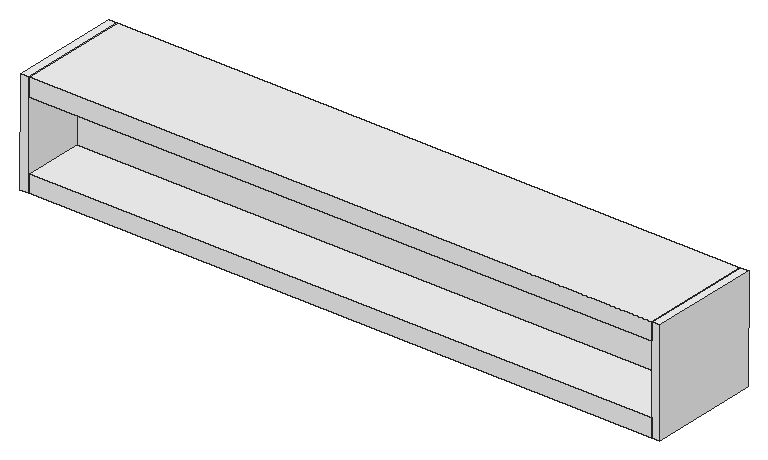
Revit family "75L-W-ID", category Lighting Fixtures, host Face, Revit 2021
Family settings
  Host = Face
  Round Connector Dimension = Use Diameter
  Part Type = Normal
  OmniClass Number = 23.80.70.14.21
  OmniClass Title = Street and Roadway Lighting
  Cut with Voids When Loaded = No
  Light Source = Yes
  Shared = Yes
  Room Calculation Point = No
Parameters (values of type "75L-W-ID-02")
  zz Length 2 = zz Length 1 - 12.000"  # 12.000"
  zz Length 1 = 24.000"
  Watts = 25 W
  Wattage Comments = ""
  Wattage = 106.5 W
  built-in parameter 1150110 = 1 (stored number, unit not read)
  Voltage = 120 V
  URL = "https://www.currentlighting.com/litecontrol"
  Type Comments = "Lighting Fixtures"  # constant formula
  built-in parameter 1114217 = 1 (stored number, unit not read)
  Tilt Angle = -90.00°  # constant formula
  built-in parameter 1150109 = 1 (stored number, unit not read)
  built-in parameter 1150134 = (empty or 0)
  built-in parameter 1150113 = 1 (stored number, unit not read)
  Product Page URL = ""
  Product Material = White
  Product Documentation Link = ""
  Power Factor = 1
  Photometric Web Link = ""
  Photometric Web File = "75L-X-ID-STD-4-CX-35K-I030-D030-ECC.ies"
  Photometric Note = "More Photometric Web Files dowload in the Web link"  # constant formula
  Model = "Nelo 75L"  # constant formula
  Manufacturer = "Litecontrol"  # constant formula
  built-in parameter 1150105 = -5126353.4 (stored number, unit not read)
  Lumens = 12247.5 lm
  built-in parameter 1150115 = 1 (stored number, unit not read)
  Load Classification = Lighting
  built-in parameter 1150137 = (empty or 0)
  built-in parameter 1150139 = (empty or 0)
  built-in parameter 1150112 = 1 (stored number, unit not read)
  built-in parameter 1150114 = 1 (stored number, unit not read)
  Lamp = "LED"  # constant formula
  built-in parameter 1150132 = (empty or 0)
  built-in parameter 1150102 = (empty or 0)
  built-in parameter 1150107 = 3107 (stored number, unit not read)
  built-in parameter 1150138 = (empty or 0)
  built-in parameter 1150106 = -51263.5 (stored number, unit not read)
  Glass = Glass - White
  Features = " Variable Intensity technology provides a range of specifiable outputs and \r\nresulting fixture wattages\r\n•  1200 lumens max. See performance data table on page 4 for additional \r\ninformation\r\n•  80 & 90 CRI (30, 35, 40K); Warm Dim (30-22K), Tunable White (27-65K & 27-50K)"  # constant formula
  Emit from Line Length = zz Length 1 - 1.000"  # 23.000"
  built-in parameter 1150104 = 10.684 (stored number, unit not read)
  Dimming Lamp Color Temperature Shift = <None>
  Description = "Open Aperture Recessed Direct"  # constant formula
  Default Elevation = 48.000"
  Contact Us = ""
  Color Filter = 16777215
  built-in parameter 1114218 = 1 (stored number, unit not read)
  built-in parameter 1150133 = 10 (stored number, unit not read)
  Assembly Code = "D5020200"
  Apparent Load = Watts / Power Factor  # 25 VA
Types (7): name | zz Length 2 | zz Length 1 | Emit from Line Length
  (no name) | 12.000" | 24.000" | 23.000"
  75L-W-ID-02 | 12.000" | 24.000" | 23.000"
  75L-W-ID-03 | 24.000" | 36.000" | 35.000"
  75L-W-ID-04 | 36.000" | 48.000" | 47.000"
  75L-W-ID-05 | 48.000" | 60.000" | 59.000"
  75L-W-ID-06 | 60.000" | 72.000" | 71.000"
  75L-W-ID-08 | 84.000" | 96.000" | 95.000"
Reference planes (in)
  plane 1 "Center (Front/Back)": y = 0
  plane 2: z = 0
  plane 3 "Center (Left/Right)": x = 0
  plane 4: x = 12
  plane 5: x = -12
  plane 6: y = -1.5
  plane 7: y = 1.5
  plane 8: z = 13.75
  plane 9: x = 12.313
  plane 10: x = -12.313
  plane 11: x = -11
  plane 12: x = 11
  plane 13: z = 0.375
  plane 14: x = 6
  plane 15: x = -6
  plane 16: x = 3.75
  plane 17: x = 8.25
  plane 18: x = -8.25
  plane 19: x = -3.75
Forms (in)
  Extrusion 1, solid, material "White" <- "Product Material"
    sketch origin (0, 0, -11.25) x (0, 1, 0) y (0, 0, 1)
      loop
        line (-2.99935, 15.625) -> (-2.99935, 14.95833) -> (-0.6875, 14.95833) -> (-0.6875, 13.625) -> (-0.6875, 12.29167) -> (-2.99935, 12.29167) -> (-2.99935, 11.625) -> (1.25, 11.625) -> (1.25, 15.625) -> (-2.99935, 15.625)
    from -12 to 12
  Extrusion 2, solid, material "White" <- "Product Material"
    sketch origin (0, 0, -11.25) x (0, 1, 0) y (0, 0, 1)
      loop
        line (1.25, 11.625) -> (1.25, 15.625) -> (-3, 15.625) -> (-3, 11.625) -> (1.25, 11.625)
    from 12 to 12.313
  Extrusion 3, solid, material "White" <- "Product Material"
    sketch origin (0, 0, -11.25) x (0, 1, 0) y (0, 0, -1)
      loop
        line (1.25, -11.625) -> (-3, -11.625) -> (-3, -15.625) -> (1.25, -15.625) -> (1.25, -11.625)
    from 12 to 12.313
  Extrusion 4, solid, material "White" <- "Product Material"
    sketch origin (0, 0, 0) x (-1, 0, 0) y (0, -1, 0)
      loop
        line (-7.95, -0.4375) -> (-4.05, -0.4375)
        arc (-4.05, -0.4375) -> (-3.83787, -0.34963) -> (-3.75, -0.1375) r 0.3
        line (-3.75, -0.1375) -> (-3.75, 1.5125)
        arc (-3.75, 1.5125) -> (-3.83787, 1.72463) -> (-4.05, 1.8125) r 0.3
        line (-4.05, 1.8125) -> (-7.95, 1.8125)
        arc (-7.95, 1.8125) -> (-8.16213, 1.72463) -> (-8.25, 1.5125) r 0.3
        line (-8.25, 1.5125) -> (-8.25, -0.1375)
        arc (-8.25, -0.1375) -> (-8.16213, -0.34963) -> (-7.95, -0.4375) r 0.3
      loop
        line (-7.56805, 0.58895) -> (-7.21913, 0.58895)
        arc (-7.21913, 0.58895) -> (-7.13428, 0.6241) -> (-7.09913, 0.70895) r 0.12
        line (-7.09913, 0.70895) -> (-7.09913, 0.79105)
        arc (-7.09913, 0.79105) -> (-7.13428, 0.8759) -> (-7.21913, 0.91105) r 0.12
        line (-7.21913, 0.91105) -> (-7.56805, 0.91105)
        arc (-7.56805, 0.91105) -> (-7.6529, 0.8759) -> (-7.68805, 0.79105) r 0.12
        line (-7.68805, 0.79105) -> (-7.68805, 0.70895)
        arc (-7.68805, 0.70895) -> (-7.6529, 0.6241) -> (-7.56805, 0.58895) r 0.12
      loop
        arc (-4.43195, 0.58895) -> (-4.3471, 0.6241) -> (-4.31195, 0.70895) r 0.12
        line (-4.31195, 0.70895) -> (-4.31195, 0.79105)
        arc (-4.31195, 0.79105) -> (-4.3471, 0.8759) -> (-4.43195, 0.91105) r 0.12
        line (-4.43195, 0.91105) -> (-4.78087, 0.91105)
        arc (-4.78087, 0.91105) -> (-4.86572, 0.8759) -> (-4.90087, 0.79105) r 0.12
        line (-4.90087, 0.79105) -> (-4.90087, 0.70895)
        arc (-4.90087, 0.70895) -> (-4.86572, 0.6241) -> (-4.78087, 0.58895) r 0.12
        line (-4.78087, 0.58895) -> (-4.43195, 0.58895)
      loop
        line (-6.55056, 0.38094) -> (-5.44944, 0.38094) -> (-5.44944, 1.13094) -> (-6.55056, 1.13094) -> (-6.55056, 0.38094)
    from 0 to 0.375
  Extrusion 5, solid, material "White" <- "Product Material"
    sketch origin (0, 0, 0) x (1, 0, 0) y (0, 1, 0)
      loop
        arc (-7.95, 0.4375) -> (-8.16213, 0.34963) -> (-8.25, 0.1375) r 0.3
        line (-8.25, 0.1375) -> (-8.25, -1.5125)
        arc (-8.25, -1.5125) -> (-8.16213, -1.72463) -> (-7.95, -1.8125) r 0.3
        line (-7.95, -1.8125) -> (-4.05, -1.8125)
        arc (-4.05, -1.8125) -> (-3.83787, -1.72463) -> (-3.75, -1.5125) r 0.3
        line (-3.75, -1.5125) -> (-3.75, 0.1375)
        arc (-3.75, 0.1375) -> (-3.83787, 0.34963) -> (-4.05, 0.4375) r 0.3
        line (-4.05, 0.4375) -> (-7.95, 0.4375)
      loop
        arc (-7.56805, -0.58895) -> (-7.6529, -0.6241) -> (-7.68805, -0.70895) r 0.12
        line (-7.68805, -0.70895) -> (-7.68805, -0.79105)
        arc (-7.68805, -0.79105) -> (-7.6529, -0.8759) -> (-7.56805, -0.91105) r 0.12
        line (-7.56805, -0.91105) -> (-7.21913, -0.91105)
        arc (-7.21913, -0.91105) -> (-7.13428, -0.8759) -> (-7.09913, -0.79105) r 0.12
        line (-7.09913, -0.79105) -> (-7.09913, -0.70895)
        arc (-7.09913, -0.70895) -> (-7.13428, -0.6241) -> (-7.21913, -0.58895) r 0.12
        line (-7.21913, -0.58895) -> (-7.56805, -0.58895)
      loop
        line (-4.43195, -0.58895) -> (-4.78087, -0.58895)
        arc (-4.78087, -0.58895) -> (-4.86572, -0.6241) -> (-4.90087, -0.70895) r 0.12
        line (-4.90087, -0.70895) -> (-4.90087, -0.79105)
        arc (-4.90087, -0.79105) -> (-4.86572, -0.8759) -> (-4.78087, -0.91105) r 0.12
        line (-4.78087, -0.91105) -> (-4.43195, -0.91105)
        arc (-4.43195, -0.91105) -> (-4.3471, -0.8759) -> (-4.31195, -0.79105) r 0.12
        line (-4.31195, -0.79105) -> (-4.31195, -0.70895)
        arc (-4.31195, -0.70895) -> (-4.3471, -0.6241) -> (-4.43195, -0.58895) r 0.12
      loop
        line (-6.55056, -0.38094) -> (-6.55056, -1.13094) -> (-5.44944, -1.13094) -> (-5.44944, -0.38094) -> (-6.55056, -0.38094)
    from 0 to 0.375
Dimensions and locks (in)
  "zz Length 1": plane 4 to plane 5
  equal spacing: plane 4, plane 3 "Center (Left/Right)", plane 5
  locked: plane 4 to plane 12 at 1
  locked: plane 9 to plane 4 at 0.313
  locked: plane 11 to plane 5 at 1
  locked: plane 5 to plane 10 at 0.313
  "zz Length 2": plane 14 to plane 15
  equal spacing: plane 14, plane 3 "Center (Left/Right)", plane 15
  plane 17 to plane 14 to plane 16 = 2.250" locked, 2.250" locked
  plane 19 to plane 15 to plane 18 = 2.250" locked, 2.250" locked
  aligned and locked: plane 2 to host face
  aligned and locked: level to host face
  aligned and locked: Extrusion 1 to plane 5
  aligned and locked: plane 4 to Extrusion 1
  aligned and locked: plane 9 to Extrusion 2
  aligned and locked: Extrusion 2 to plane 4
  aligned and locked: Extrusion 3 to plane 10
  aligned and locked: plane 5 to Extrusion 3
  aligned and locked: Extrusion 4 to plane 16
  aligned and locked: plane 17 to Extrusion 4
  aligned and locked: Extrusion 5 to plane 18
  aligned and locked: plane 19 to Extrusion 5
Automatic sketch dimensions
  host sketch curve to host sketch curve = 96.000"  (x2)
  Extrusion 1 sketch curve to plane 13 = 0.000"
  plane 6 to Extrusion 1 sketch curve = 1.49935"  (x2)
  plane 13 to Extrusion 1 sketch curve = 0.66667"
  plane 1 "Center (Front/Back)" to Extrusion 1 sketch curve = 0.6875"
  plane 7 to Extrusion 1 sketch curve = 0.250"
  Extrusion 1 sketch curve to Extrusion 1 sketch curve = 1.33333"  (x2)
  Extrusion 1 sketch curve to Extrusion 1 sketch curve = 0.66667"
  level to Extrusion 2 sketch curve = 0.375"
  plane 6 to Extrusion 2 sketch curve = 1.500"
  plane 7 to Extrusion 2 sketch curve = 0.250"
  Extrusion 2 sketch curve to Extrusion 2 sketch curve = 4.000"
  level to Extrusion 3 sketch curve = 0.375"
  plane 6 to Extrusion 3 sketch curve = 1.500"
  plane 7 to Extrusion 3 sketch curve = 0.250"
  Extrusion 3 sketch curve to Extrusion 3 sketch curve = 4.000"
  Extrusion 4 sketch curve to plane 17 = 0.000"
  Extrusion 4 sketch curve to plane 16 = 0.000"
  Extrusion 4 sketch curve to plane 17 = 0.300"  (x2)
  Extrusion 4 sketch curve to plane 17 = 0.56195"
  Extrusion 4 sketch curve to Extrusion 4 sketch curve = 0.120"  (x4)
  Extrusion 4 sketch curve to Extrusion 4 sketch curve = 0.000"  (x4)
  Extrusion 4 sketch curve to Extrusion 4 sketch curve = 0.34892"  (x2)
  plane 14 to Extrusion 4 sketch curve = 0.55056"
  Extrusion 4 sketch curve to plane 14 = 0.55056"
  Extrusion 4 sketch curve to Extrusion 4 sketch curve = 0.54857"
  plane 6 to Extrusion 4 sketch curve = 0.0125"
  Extrusion 4 sketch curve to Extrusion 4 sketch curve = 0.300"  (x2)
  Extrusion 4 sketch curve to plane 1 "Center (Front/Back)" = 0.1375"
  plane 1 "Center (Front/Back)" to Extrusion 4 sketch curve = 0.38094"
  plane 1 "Center (Front/Back)" to Extrusion 4 sketch curve = 0.58895"  (x2)
  Extrusion 4 sketch curve to Extrusion 4 sketch curve = 0.0821"  (x2)
  Extrusion 4 sketch curve to plane 6 = 0.36906"
  Extrusion 5 sketch curve to plane 18 = 0.000"
  Extrusion 5 sketch curve to plane 19 = 0.000"
  plane 18 to Extrusion 5 sketch curve = 0.300"  (x2)
  plane 18 to Extrusion 5 sketch curve = 0.56195"
  Extrusion 5 sketch curve to Extrusion 5 sketch curve = 0.120"  (x4)
  Extrusion 5 sketch curve to Extrusion 5 sketch curve = 0.000"  (x4)
  Extrusion 5 sketch curve to Extrusion 5 sketch curve = 0.34892"  (x2)
  Extrusion 5 sketch curve to plane 15 = 0.55056"
  plane 15 to Extrusion 5 sketch curve = 0.55056"
  Extrusion 5 sketch curve to Extrusion 5 sketch curve = 0.54857"
  plane 6 to Extrusion 5 sketch curve = 0.0125"
  Extrusion 5 sketch curve to Extrusion 5 sketch curve = 0.300"
  Extrusion 5 sketch curve to plane 1 "Center (Front/Back)" = 0.1375"
  Extrusion 5 sketch curve to plane 19 = 0.300"
  Extrusion 5 sketch curve to plane 6 = 0.36906"
  Extrusion 5 sketch curve to plane 6 = 0.58895"  (x2)
  Extrusion 5 sketch curve to Extrusion 5 sketch curve = 0.0821"  (x2)
  plane 1 "Center (Front/Back)" to Extrusion 5 sketch curve = 0.38094"
Connectors (in)
  electrical at (0, 1.25, 2.375), driven by "Apparent Load", driven by "Voltage"
    settings: on Extrusion 1, index 1, voltage 120 V, apparent load 25 VA, apparent load phase1 0 VA, apparent load phase2 0 VA, apparent load phase3 0 VA, power factor 1, load classification "Other", number of poles 1, system type 30, power factor state 1, is connector primary yes, connector utility no, sub classification motor no, connector description "Lighting Connector"
